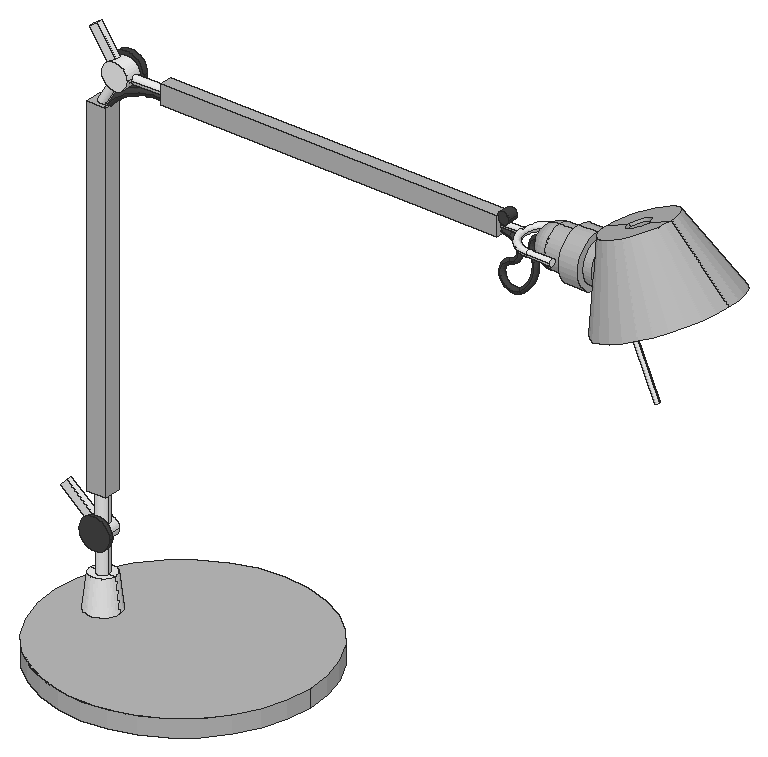
Revit family
Parameters
  Wattage Comments = "60W"
  Wattage = 60 W
  built-in parameter 1150110 = 1 (stored number, unit not read)
  URL = "http://www.artemide.us"
  built-in parameter 1114217 = 1 (stored number, unit not read)
  built-in parameter 1150109 = 1 (stored number, unit not read)
  built-in parameter 1150134 = 6
  built-in parameter 1150113 = 1 (stored number, unit not read)
  Plastic - Black = Plastic - Black
  Model = "Tolomeo Micro Table"
  Metal - Tolomeo Shade = Metal - Tolomeo Shade
  Metal - Dark = Metal - Dark
  Metal - Chrome = Metal - Chrome Polished
  Manufacturer = "Artemide"
  Lumens = 8912.52 lm
  built-in parameter 1150115 = 1 (stored number, unit not read)
  built-in parameter 1150105 = 709.24 (stored number, unit not read)
  Light Source Symbol Size = 0' - 2"
  built-in parameter 1150137 = (empty or 0)
  built-in parameter 1150139 = (empty or 0)
  built-in parameter 1150112 = 1 (stored number, unit not read)
  built-in parameter 1150114 = 1 (stored number, unit not read)
  Lamp = "E12/G161/2 CL"
  built-in parameter 1150132 = (empty or 0)
  built-in parameter 1150102 = (empty or 0)
  built-in parameter 1150138 = (empty or 0)
  built-in parameter 1150107 = 4000 (stored number, unit not read)
  built-in parameter 1150106 = 7.0924 (stored number, unit not read)
  built-in parameter 1150104 = 13.8 (stored number, unit not read)
  Dimming Lamp Color Temperature Shift = (empty or 0)
  Color Filter = 16777215
  built-in parameter 1114218 = 1 (stored number, unit not read)
  built-in parameter 1150133 = 10 (stored number, unit not read)
Reference planes (in)
  plane 1 "Light Source Axis (F/B)": y = 0
  plane 2: z = 0
  plane 3 "Light Source Axis (L/R)": x = 0
  plane 4 "Light Source Elevation": z = 12.5
  plane 5 "stem": x = -15.125
  plane 6 "Fork": z = 13.3125
Forms (in)
  Extrusion 1, solid, material "Metal - Tolomeo Shade" <- "Metal - Tolomeo Shade"
    sketch origin (0, 0, 0) x (1, 0, 0) y (0, 1, 0)
      loop
        circle (-13, 0) r 3.375
    from 0 to 0.45489
  Revolve 2, solid, material "Metal - Chrome Polished" <- "Metal - Chrome"
    sketch origin (0, 0, 0) x (1, 0, 0) y (0, 0, 1)
      loop
        line (-15.125, 2.25) -> (-15.125, 0.45489) -> (-14.6875, 0.45489) -> (-14.7928, 1.3125) -> (-14.96875, 1.3125) -> (-14.96875, 2.25) -> (-15.125, 2.25)
      axis (-15.125, 2.25) -> (-15.125, 0.45489)
    angle from 0 to 360
  Extrusion 3, solid, material "Metal - Tolomeo Shade" <- "Metal - Tolomeo Shade"
    sketch origin (0, 0, 0) x (1, 0, 0) y (0, 1, 0)
      loop
        line (-15.375, 0.22109) -> (-15.375, -0.23214) -> (-14.87312, -0.23214) -> (-14.87312, 0.22109) -> (-15.375, 0.22109)
    from 3.25 to 12.5
  Revolve 4, solid, material "Metal - Tolomeo Shade" <- "Metal - Tolomeo Shade"
    sketch origin (0, 0, 0) x (1, 0, 0) y (0, 0, 1)
      loop
        line (-0.63046, 14.69976) -> (-0.60604, 14.64223) -> (-0.05826, 14.87475) -> (1.41798, 13.39851) -> (1.48003, 13.42485) -> (-0.04388, 14.94875) -> (-0.63046, 14.69976)
      axis (-0.9004, 14.58518) -> (-0.11964, 12.74583)
    angle from 0 to 360
  Extrusion 5, solid, material "Metal - Tolomeo Shade" <- "Metal - Tolomeo Shade"
    sketch origin (-0.76072, 0, 28.44822) x (0, 0, 1) y (0, 1, 0)
      loop
        line (-15.375, 0.17078) -> (-15.375, -0.17195) -> (-14.89645, -0.17195) -> (-14.89645, 0.17078) -> (-15.375, 0.17078)
    from 3.7695 to 12.69324
  Extrusion 6, solid, material "Metal - Chrome Polished" <- "Metal - Chrome"
    sketch origin (0, 0, 0) x (1, 0, 0) y (0, 1, 0)
      loop
        circle (-15.125, 0) r 0.16537
    from 2.44198 to 3.25
  Extrusion 7, solid, material "Metal - Chrome Polished" <- "Metal - Chrome"
    sketch origin (0, 0, 0) x (1, 0, 0) y (0, 0, 1)
      loop
        circle (-15.125, 2.32778) r 0.25
    from -0.22109 to 0.23214
  Extrusion 8, solid, material "Metal - Chrome Polished" <- "Metal - Chrome"
    sketch origin (-4.83559, 0, -8.99972) x (0, 1, 0) y (0.62932, 0, 0.777146)
      loop
        line (0.08195, 2.4409) -> (-0.07955, 2.4409) -> (-0.07955, 2.20653) -> (0.08195, 2.20653) -> (0.08195, 2.4409)
    from -16.38504 to -15.2683
  Extrusion 9, solid, material "Metal - Dark" <- "Metal - Dark"
    sketch origin (0, 0, 0) x (1, 0, 0) y (0, 0, 1)
      loop
        circle (-15.125, 2.32778) r 0.40739
    from 0.19891 to 0.2836
  Extrusion 10, solid, material "Metal - Chrome Polished" <- "Metal - Chrome"
    sketch origin (0, 0, 0) x (1, 0, 0) y (0, 0, 1)
      loop
        circle (-14.6277, 13.34485) r 0.33707
    from -0.22109 to 0.23214
  Extrusion 11, solid, material "Metal - Chrome Polished" <- "Metal - Chrome"
    sketch origin (0, 0, 0) x (0, 1, 0) y (0, 0, 1)
      loop
        circle (0, 13.31071) r 0.10902
    from -14.37748 to -13.45397
  Extrusion 12, solid, material "Metal - Chrome Polished" <- "Metal - Chrome"
    sketch origin (-3.10449, 0, 3.10494) x (0.861808, 0, -0.507235) y (0, 1, 0)
      loop
        circle (-15.125, 0) r 0.10699
    from 1.87271 to 2.81983
  Extrusion 13, solid, material "Metal - Chrome Polished" <- "Metal - Chrome"
    sketch origin (4.90974, 0, 10.42623) x (0.829038, 0, 0.559193) y (0, 1, 0)
      loop
        line (-14.72296, 0.06675) -> (-14.72296, -0.08052) -> (-14.47296, -0.08052) -> (-14.47296, 0.06675) -> (-14.72296, 0.06675)
    from 13.55178 to 14.51029
  Revolve 14, solid, material "Metal - Tolomeo Shade" <- "Metal - Tolomeo Shade"
    sketch origin (0, 0, 0) x (1, 0, 0) y (0, 0, 1)
      loop
        line (-1.74488, 13.83866) -> (-1.99488, 13.83866) -> (-1.99488, 13.99491) -> (-2.49488, 13.99491) -> (-2.49488, 13.83866) -> (-2.99488, 13.83866)
        arc (-2.99488, 13.83866) -> (-3.36693, 13.68455) -> (-3.52104, 13.3125) r 0.52616
        line (-3.52104, 13.3125) -> (-1.74488, 13.3125) -> (-1.74488, 13.83866)
      axis (-3.52104, 13.3125) -> (-1.74488, 13.3125)
    angle from 0 to 360
  Sweep 15, solid, material "Metal - Chrome Polished" <- "Metal - Chrome"
    path origin (0, 0, 13.3125) x (0, 1, 0) y (-1, 0, 0)
      loop
        line (0.65995, 2.68033) -> (0.65995, 3.30016)
        arc (0.65995, 3.30016) -> (0, 3.96011) -> (-0.65995, 3.30016) r 0.65995
        line (-0.65995, 3.30016) -> (-0.65995, 2.68033)
    profile origin (-2.99025, 0.65995, 13.3125) x (0, -1, 0) y (0, 0, 1)
      loop
        circle (0, 0) r 0.08237
  Extrusion 16, solid, material "Metal - Chrome Polished" <- "Metal - Chrome"
    sketch origin (0, 0, 0) x (0, 1, 0) y (0, 0, 1)
      loop
        circle (0, 13.3125) r 0.08143
    from -4.53023 to -3.95715
  Extrusion 17, solid, material "Metal - Dark" <- "Metal - Dark"
    sketch origin (0, 0, 0) x (1, 0, 0) y (0, 0, 1)
      loop
        circle (-4.39641, 13.53652) r 0.14991
    from -0.13617 to 0.13985
  Sweep 18, solid, material "Plastic - Black" <- "Plastic - Black"
    path origin (0, 0, 0) x (1, 0, 0) y (0, 0, 1)
      loop
        line (-4.53023, 13.16851) -> (-4.28874, 13.10381)
        arc (-4.28874, 13.10381) -> (-4.05709, 12.8019) -> (-4.28874, 12.5) r 0.31255
        arc (-4.28874, 12.5) -> (-4.50682, 12.03233) -> (-4.00839, 11.89877) r 0.33681
        arc (-4.00839, 11.89877) -> (-3.67529, 12.37448) -> (-3.72591, 12.953) r 0.84897
        arc (-3.72591, 12.953) -> (-3.7157, 13.18677) -> (-3.51835, 13.3125) r 0.25338
    profile origin (-4.53023, 0, 13.16851) x (0.258819, 0, 0.965926) y (0, -1, 0)
      loop
        circle (0, 0) r 0.06469
  Sweep 19, solid, material "Plastic - Black" <- "Plastic - Black"
    path origin (0, 0, 0) x (1, 0, 0) y (0, 0, 1)
      loop
        arc (-13.45397, 13.14142) -> (-14.29305, 13.0175) -> (-14.96506, 12.5) r 1.68259
    profile origin (-13.45397, 0, 13.14142) x (-0.107952, 0, -0.994156) y (0, -1, 0)
      loop
        circle (0, 0) r 0.07231
  Extrusion 20, solid, material "Metal - Chrome Polished" <- "Metal - Chrome"
    sketch origin (0.87517, 0, 10.84758) x (-0.913545, 0, -0.406737) y (0, 1, 0)
      loop
        circle (1.32723, 0) r 0.05289
    from -2.79162 to -0.19193
  Extrusion 21, solid, material "Metal - Dark" <- "Metal - Dark"
    sketch origin (0, 0, 0) x (1, 0, 0) y (0, 0, 1)
      loop
        circle (-14.6277, 13.34485) r 0.43647
    from -0.29799 to -0.17078
Cuts and joins
  joined: Revolve 2, Extrusion 6, Extrusion 7, Extrusion 8
Lines and regions (in)
  model lines
    curve 1: line (-16.03304, 0, 3.20866) -> (-15.375, 0, 12.5)
    curve 2: line (-15.20294, 0, 14.36263) -> (-4.53023, 0, 13.55178)
Dimensions and locks (in)
  aligned and locked: plane 3 "Light Source Axis (L/R)" to imposter light
  aligned and locked: plane 1 "Light Source Axis (F/B)" to imposter light
  aligned and locked: plane 4 "Light Source Elevation" to imposter light
